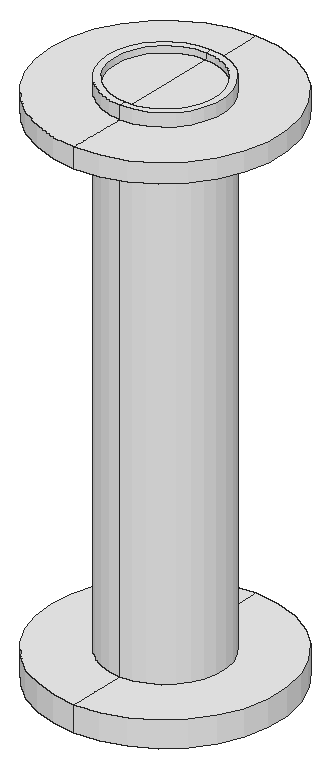
Revit family "xTissue_Holder-DXV-Percy-D35105235_Series", category Specialty Equipment, host Face, Revit 2014
Parameters (values of type "D35105235.100")
  Width = 2 1/4"
  Warranty Information = "Lifetime Limited Warranty"
  URL = "http://www.dxv.com/"
  Type Comments = ""
  Product Page URL = "http://www.dxv.com/Product/percy-tissue-holder"
  Product Documentation Link = "http://dxv.blob.core.windows.net/dxv-product-pdf-files/DXV_D35105235_Percy_tissueholder_spec_en.pdf"
  Price = "Prices may vary. Please consult Manufacturer Representative for most up-to-date price list."  # constant formula
  Model = "D35105235.100"
  Material = "Metal-DXV-100-Polished Chrome"
  Manufacturer = "DVX"
  Length = 5 3/16"
  Installation Type = "Wall Mounted"
  Height = 2 1/4"
  Description = "Percey Tissue Holder"
  Default Elevation = 18"
  Creation Date = "1/17/2017"  # constant formula
  Body = Metal-DXV-100-Polished Chrome
  Assembly Code = "C1030220"
Types (3): name | Model | Material | Body
  (no name) | "D35105235.100" | "Metal-DXV-100-Polished Chrome" | Metal-DXV-100-Polished Chrome
  D35105235.100 | "D35105235.100" | "Metal-DXV-100-Polished Chrome" | Metal-DXV-100-Polished Chrome
  D35105235.144 | "D35105235.144" | "Metal-DXV-144-Brushed Nickel" | Metal-DXV-144-Brushed Nickel
Reference planes (in)
  plane 1 "Center (Front/Back)": y = 0
  plane 2: z = 0
  plane 3 "Center (Left/Right)": x = 0
  plane 4 "Finished Floor": y = -18
  plane 5: z = 5.1875
  plane 6: x = 1.125
  plane 7: x = -1.125
  plane 8: y = 1.125
  plane 9: y = -1.125
  plane 10: y = 0.5625
  plane 11: y = -0.5625
Forms (in)
  Revolve 1, solid, material "Metal-DXV-100-Polished Chrome"
    sketch origin (0, 0, 2.9375) x (0, 0, -1) y (0, -1, 0)
      loop
        line (2.9375, 0) -> (-2.3125, 0) -> (-2.3125, -0.5) -> (-2.375, -0.5) -> (-2.375, -0.5625) -> (-2.25, -0.5625) -> (-2.25, -1.125) -> (-2.0625, -1.125) -> (-2.0625, -0.5625) -> (2.6875, -0.5625) -> (2.6875, -1.125) -> (2.9375, -1.125) -> (2.9375, 0)
      axis (2.9375, 0) -> (-2.375, 0)
    angle from 0 to 360
Lines and regions (in)
  Masking region 1
    outline origin (0, 0, 0) x (1, 0, 0) y (0, 0, 1)
      loop
        line (-0.5625, 5.3125) -> (-0.5625, 5.1875) -> (-1.125, 5.1875) -> (-1.125, 5) -> (-0.5625, 5) -> (-0.5625, 0.25) -> (-1.125, 0.25) -> (-1.125, 0) -> (0, 0) -> (1.125, 0) -> (1.125, 0.25) -> (0.5625, 0.25) -> (0.5625, 5) -> (1.125, 5) -> (1.125, 5.1875) -> (0.5625, 5.1875) -> (0.5625, 5.3125) -> (0, 5.3125) -> (-0.5625, 5.3125)
  Masking region 2
    outline origin (0, 0, 0) x (0, 1, 0) y (0, 0, 1)
      loop
        line (-0.5625, 5.3125) -> (-0.5625, 5.1875) -> (-1.125, 5.1875) -> (-1.125, 5) -> (-0.5625, 5) -> (-0.5625, 0.25) -> (-1.125, 0.25) -> (-1.125, 0) -> (1.125, 0) -> (1.125, 0.25) -> (0.5625, 0.25) -> (0.5625, 5) -> (1.125, 5) -> (1.125, 5.1875) -> (0.5625, 5.1875) -> (0.5625, 5.3125) -> (-0.5625, 5.3125)
  symbolic lines, detail levels fine
    curve 1: line (-0.5625, 0, 5) -> (0.5625, 0, 5)
    curve 2: line (0, 0, 5.1875) -> (0.5625, 0, 5.1875)
    curve 3: line (-0.5625, 0, 5.1875) -> (0, 0, 5.1875)
    curve 18: line (0, 0.5625, 5.1875) -> (0, -0.5625, 5.1875)
  symbolic lines, detail levels medium+fine
    curve 4: line (-0.5625, 0, 0.25) -> (0.5625, 0, 0.25)
    curve 14: line (0, -0.5625, 0.25) -> (0, 0.5625, 0.25)
    curve 21: line (0, -0.5625, 5) -> (0, 0.5625, 5)
  symbolic lines
    curve 5: line (0, -0.5625, 5.3125) -> (0, 0.5625, 5.3125)
    curve 6: line (0, 0.5625, 5) -> (0, 1.125, 5)
    curve 7: line (0, 1.125, 0.25) -> (0, 1.125, 0)
    curve 8: line (0, -1.125, 5.1875) -> (0, -0.5625, 5.1875)
    curve 9: line (0, 0.5625, 5) -> (0, 0.5625, 0.25)
    curve 10: line (0, -0.5625, 5.3125) -> (0, -0.5625, 5.1875)
    curve 11: line (0, -1.125, 0.25) -> (0, -1.125, 0)
    curve 12: line (0, -1.125, 0.25) -> (0, -0.5625, 0.25)
    curve 13: line (0, 1.125, 0) -> (0, -1.125, 0)
    curve 15: line (0, 0.5625, 0.25) -> (0, 1.125, 0.25)
    curve 16: line (0, 1.125, 5) -> (0, 1.125, 5.1875)
    curve 17: line (0, 1.125, 5.1875) -> (0, 0.5625, 5.1875)
    curve 19: line (0, -1.125, 5.1875) -> (0, -1.125, 5)
    curve 20: line (0, -1.125, 5) -> (0, -0.5625, 5)
    curve 22: line (0, 0.5625, 5.3125) -> (0, 0.5625, 5.1875)
    curve 23: line (0, -0.5625, 5) -> (0, -0.5625, 0.25)
Dimensions and locks (in)
  "Default Elevation": plane 4 "Finished Floor" to plane 1 "Center (Front/Back)"
  "Length": plane 5 to plane 2
  plane 5 to plane 2 = 5 3/16"
  plane 8 to plane 9 = 2 1/4"
  plane 10 to plane 11 = 1 1/8"
  aligned and locked: plane 2 to host face
  aligned and locked: level to host face
Automatic sketch dimensions
  host sketch curve to host sketch curve = 96"  (x2)
  Revolve 1 sketch curve to plane 1 "Center (Front/Back)" = 0"  (x2)
  Revolve 1 sketch curve to plane 5 = 0"
  Revolve 1 sketch curve to plane 10 = 0"  (x2)
  Revolve 1 sketch curve to plane 8 = 0"  (x2)
  Revolve 1 sketch curve to level = 0"
  plane 5 to Revolve 1 sketch curve = 1/16"
  Revolve 1 sketch curve to Revolve 1 sketch curve = 1/16"  (x2)
  Revolve 1 sketch curve to plane 5 = 3/16"
  level to Revolve 1 sketch curve = 0"
  Revolve 1 sketch curve to level = 0.61206"
  level to Revolve 1 sketch curve = 1/4"
  Masking region 1 sketch curve to level = 0"
  plane 7 to Masking region 1 sketch curve = 0"  (x2)
  Masking region 1 sketch curve to plane 5 = 0"  (x2)
  Masking region 1 sketch curve to plane 3 "Center (Left/Right)" = 0"  (x2)
  Masking region 1 sketch curve to plane 6 = 0"  (x2)
  Masking region 1 sketch curve to plane 5 = 3/16"
  Masking region 1 sketch curve to plane 3 "Center (Left/Right)" = 9/16"
  Masking region 1 sketch curve to Masking region 1 sketch curve = 0"  (x2)
  level to Masking region 1 sketch curve = 1/4"  (x2)
  plane 3 "Center (Left/Right)" to Masking region 1 sketch curve = 9/16"
  plane 5 to Masking region 1 sketch curve = 1/8"
  Masking region 1 sketch curve to Masking region 1 sketch curve = 3/16"
  curve 13 to level = 0"
  curve 13 to plane 9 = 0"
  curve 19 to plane 5 = 0"
  curve 19 to plane 9 = 0"
  curve 18 to plane 11 = 0"
  curve 12 to plane 11 = 0"
  curve 9 to plane 10 = 0"
  curve 5 to plane 10 = 0"
  curve 6 to plane 8 = 0"
  curve 7 to plane 8 = 0"
  level to curve 7 = 1/4"
  curve 21 to plane 5 = 3/16"
  curve 17 to curve 5 = 1/8"
  Masking region 2 sketch curve to plane 9 = 0"  (x2)
  Masking region 2 sketch curve to plane 11 = 0"  (x2)
  Masking region 2 sketch curve to plane 10 = 0"  (x2)
  level to Masking region 2 sketch curve = 1/4"  (x2)
  Masking region 2 sketch curve to plane 5 = 3/16"  (x2)
  plane 5 to Masking region 2 sketch curve = 1/8"
  Masking region 2 sketch curve to plane 5 = 0"  (x2)
  Masking region 2 sketch curve to level = 0"
  Masking region 2 sketch curve to plane 8 = 0"  (x2)
  curve 3 to plane 3 "Center (Left/Right)" = 0"
  level to curve 4 = 1/4"
  curve 3 to plane 5 = 0"
  curve 1 to plane 5 = 3/16"
  curve 1 to plane 3 "Center (Left/Right)" = 9/16"
  curve 3 to curve 1 = 0"
  curve 4 to plane 3 "Center (Left/Right)" = 9/16"
  plane 3 "Center (Left/Right)" to curve 2 = 9/16"
  plane 3 "Center (Left/Right)" to curve 4 = 9/16"
  curve 2 to curve 1 = 0"
